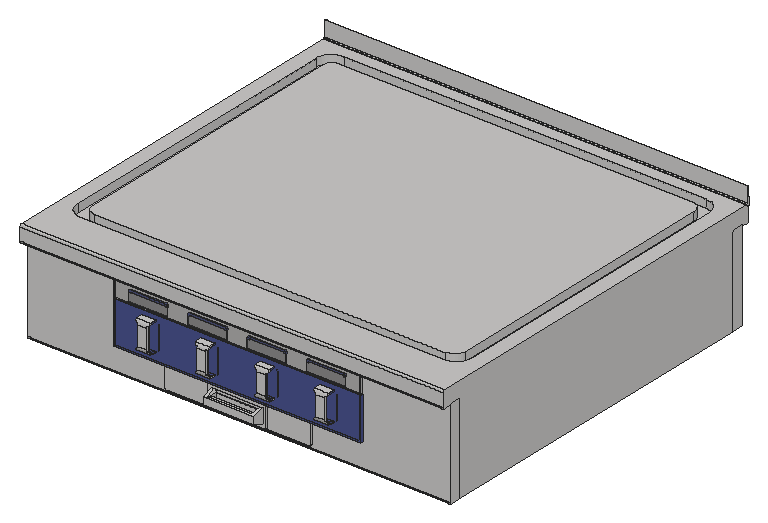
Revit family "QF_ELECTROLUXPROFESSIONAL_589007_MCLCABJOAO", category Specialty Equipment, Revit 2018
Family settings
  Round Connector Dimension = Use Diameter
  Part Type = Normal
  Work Plane-Based = No
  Always vertical = Yes
  Cut with Voids When Loaded = No
  Shared = No
  Room Calculation Point = No
Parameters
  Weight in Pounds = 352.7
  Watts = 16000 VA  # 16000 W
  Volts = 400 V  # constant formula
  URL Cutsheet = ""
  Type Mark [instance] = ""
  Status [instance] = ""
  Specification by User [instance] = ""
  Specification by Manufacturer = ""
  Serial Number = ""
  Seismic Rating = ""
  SMACNA No = ""
  Revision Code [instance] = ""
  Phase = 3  # constant formula
  Omniclass Number and Title = ""
  Number of Poles [instance] = 1
  NAFEM Spec ID Number = ""
  Model = "589007"
  Min Ckt Ampacity = 0 A
  Max Overcurrent Protection = 0 A
  Masterspec = ""
  Manufacturer = "ELECTROLUX"
  Item Number [instance] = ""
  Installed By [instance] = ""
  Identify Quantity as Lot [instance] = yes
  HP = "21.5 HP"
  Furnished By [instance] = ""
  Foodservice Equipment Identifier [instance] = yes
  FL Amps [instance] = if(Phase = 3, Watts / (Volts * 1.73), Watts / Volts)  # 23.1214 A
  Electrical Remarks = "400 V/3N ph/50/60 Hz"  # constant formula
  Electric Connection Type [instance] = ""
  Elec Conn RI Height [instance] = 0 mm
  Elec Conn Connection Height [instance] = 0 mm
  Direct Waste Size = 0"
  Description = "EL.SOLID TOP,4 ZONES,1S,BS,1000X900X250H"
  Cycle [instance] = if([60 Hertz Option], 60 Hz, 50 Hz)  # 60 Hz
  Conn Plug = ""
  Conn Conduit = yes
  CSI MasterFormat = ""
  CSI Master Format = ""
  Back Panel [instance] = yes
  Apparent Power [instance] = if(Phase = 3, Volts * FL Amps * 1.73, Volts * FL Amps)  # 16000 VA
  60 Hertz Option [instance] = not([50 Hertz Option])  # yes
  50 Hertz Option [instance] = no
Reference planes
  plane 1 "BACK": y = 0
  plane 2: z = 0
  plane 3 "LEFT": x = 0
  plane 4 "RIGHT": x = 1000
  plane 5 "FRONT": y = -900
  plane 6 "TOP": z = 250
  plane 7: x = 500
  plane 8: y = -450
  plane 9: y = -1330
Forms (mm)
  Extrusion 1, solid, material "QF_Finishes_Stainless Steel"
    sketch origin (0, -487.128, 0) x (0, 1, 0) y (0, 0, 1)
      loop
        line (483.128, 250) -> (-408.872, 250)
        arc (-408.872, 250) -> (-411.7, 248.828) -> (-412.872, 246) r 4
        line (-412.872, 246) -> (-412.872, 214)
        arc (-412.872, 214) -> (-411.443, 210.936) -> (-408.177, 210.061) r 4
        line (-408.177, 210.061) -> (-391.509, 213) -> (-366.872, 213) -> (-366.872, 0) -> (441.128, 0) -> (441.128, 213) -> (465.765, 213) -> (482.433, 210.061)
        arc (482.433, 210.061) -> (485.699, 210.936) -> (487.128, 214) r 4
        line (487.128, 214) -> (487.128, 246)
        arc (487.128, 246) -> (485.956, 248.828) -> (483.128, 250) r 4
    from 0 to 1000
  Extrusion 2, solid, material "QF_Finishes_Stainless Steel", visible <- "Back Panel"
    sketch origin (0, 0, 0) x (0, 1, 0) y (0, 0, 1)
      loop
        line (-46, 0) -> (-20, 0) -> (-20, 215)
        arc (-20, 215) -> (-20.586, 213.586) -> (-22, 213) r 2
        line (-22, 213) -> (-46, 213) -> (-46, 0)
    from 0 to 1000
  Extrusion 3, void
    sketch origin (653.786, 44.048, 250) x (1, 0, 0) y (0, -1, 0)
      loop
        line (274.614, 855.048) -> (-582.186, 855.048)
        arc (-582.186, 855.048) -> (-608.349, 844.211) -> (-619.186, 818.048) r 37
        line (-619.186, 818.048) -> (-619.186, 115.648)
        arc (-619.186, 115.648) -> (-608.349, 89.485) -> (-582.186, 78.648) r 37
        line (-582.186, 78.648) -> (274.614, 78.648)
        arc (274.614, 78.648) -> (300.777, 89.485) -> (311.614, 115.648) r 37
        line (311.614, 115.648) -> (311.614, 818.048)
        arc (311.614, 818.048) -> (300.777, 844.211) -> (274.614, 855.048) r 37
    from 0 to 19.1
  Extrusion 4, solid, material "QF_Finishes_Stainless Steel"
    sketch origin (0, -854, 0) x (1, 0, 0) y (0, -1, 0)
      loop
        circle (955, -169) r 6.35
    from 0 to 3.2
  Extrusion 5, solid, material "QF_Finishes_Stainless Steel"
    sketch origin (653.786, 44.048, 230.9) x (1, 0, 0) y (0, 1, 0)
      loop
        line (260.814, -104.048) -> (-568.386, -104.048)
        arc (-568.386, -104.048) -> (-586.347, -111.488) -> (-593.786, -129.448) r 25.4
        line (-593.786, -129.448) -> (-593.786, -804.248)
        arc (-593.786, -804.248) -> (-586.347, -822.209) -> (-568.386, -829.648) r 25.4
        line (-568.386, -829.648) -> (260.814, -829.648)
        arc (260.814, -829.648) -> (278.774, -822.209) -> (286.214, -804.248) r 25.4
        line (286.214, -804.248) -> (286.214, -129.448)
        arc (286.214, -129.448) -> (278.774, -111.488) -> (260.814, -104.048) r 25.4
    from 0 to 19.1
  Extrusion 6, solid, material "QF_Door-Drawer Clearances", detail levels coarse
    sketch origin (537.31, -881.593, 8.62) x (0, 0, 1) y (-1, 0, 0)
      loop
        line (1.973, -134.295) -> (49.317, -134.295)
        arc (49.317, -134.295) -> (50.776, -133.691) -> (51.38, -132.232) r 2.063
        line (51.38, -132.232) -> (51.38, 206.852)
        arc (51.38, 206.852) -> (50.88, 208.549) -> (49.541, 209.705) r 3.133
        line (49.541, 209.705) -> (3.067, 209.705)
        arc (3.067, 209.705) -> (0.898, 208.807) -> (0, 206.638) r 3.067
        line (0, 206.638) -> (0, -132.322)
        arc (0, -132.322) -> (0.578, -133.717) -> (1.973, -134.295) r 1.973
    from 0 to 448.407
  Extrusion 7, solid, material "QF_Finishes_Stainless Steel"
    sketch origin (0, -950.048, 294.179) x (0, -1, 0) y (0, 0, -1)
      loop
        arc (-948.097, 42.179) -> (-947.511, 43.594) -> (-946.097, 44.179) r 2
        arc (-946.097, 44.179) -> (-948.877, 45.357) -> (-950.048, 48.185) r 4
        line (-950.048, 48.185) -> (-950.048, 6.179) -> (-948.097, 6.179) -> (-948.097, 42.179)
    from 0 to 1000
Cuts and joins
  Extrusion 3 cuts Extrusion 1
Lines and regions (mm)
  symbolic lines
    curve 1: line (0, 0, 0) -> (1000, 0, 0)
    curve 2: line (0, -900, 0) -> (0, 0, 0)
    curve 3: line (1000, -900, 0) -> (0, -900, 0)
    curve 4: line (1000, 0, 0) -> (1000, -900, 0)
    curve 5: line (273.641, -902.326, 0) -> (273.641, -900, 0)
    curve 6: spline (279.31, -903.73, 0) -> (278.831, -903.657, 0) -> (278.353, -903.575, 0) -> (277.876, -903.486, 0) -> (277.4, -903.389, 0) -> (276.925, -903.283, 0) -> (276.452, -903.17, 0) -> (275.98, -903.049, 0) -> (275.509, -902.92, 0) -> (275.039, -902.783, 0) -> (274.572, -902.638, 0) -> (274.105, -902.486, 0) -> (273.641, -902.326, 0)
    curve 7: line (305.857, -902.326, 0) -> (305.857, -900, 0)
    curve 8: spline (305.857, -902.326, 0) -> (305.392, -902.486, 0) -> (304.926, -902.638, 0) -> (304.458, -902.783, 0) -> (303.989, -902.92, 0) -> (303.518, -903.049, 0) -> (303.046, -903.17, 0) -> (302.572, -903.283, 0) -> (302.098, -903.389, 0) -> (301.622, -903.486, 0) -> (301.145, -903.575, 0) -> (300.667, -903.657, 0) -> (300.188, -903.73, 0)
    curve 9: line (279.31, -903.73, 0) -> (300.188, -903.73, 0)
    curve 10: line (413.892, -902.326, 0) -> (413.892, -900, 0)
    curve 11: spline (419.561, -903.73, 0) -> (419.082, -903.657, 0) -> (418.604, -903.575, 0) -> (418.127, -903.486, 0) -> (417.651, -903.389, 0) -> (417.177, -903.283, 0) -> (416.703, -903.17, 0) -> (416.231, -903.049, 0) -> (415.76, -902.92, 0) -> (415.29, -902.783, 0) -> (414.823, -902.638, 0) -> (414.357, -902.486, 0) -> (413.892, -902.326, 0)
    curve 12: line (446.108, -902.326, 0) -> (446.108, -900, 0)
    curve 13: spline (446.108, -902.326, 0) -> (445.643, -902.486, 0) -> (445.177, -902.638, 0) -> (444.71, -902.783, 0) -> (444.24, -902.92, 0) -> (443.769, -903.049, 0) -> (443.297, -903.17, 0) -> (442.823, -903.283, 0) -> (442.349, -903.389, 0) -> (441.873, -903.486, 0) -> (441.396, -903.575, 0) -> (440.918, -903.657, 0) -> (440.439, -903.73, 0)
    curve 14: line (419.561, -903.73, 0) -> (440.439, -903.73, 0)
    curve 15: line (726.359, -902.326, 0) -> (726.359, -900, 0)
    curve 16: spline (720.69, -903.73, 0) -> (721.169, -903.657, 0) -> (721.647, -903.575, 0) -> (722.124, -903.486, 0) -> (722.6, -903.389, 0) -> (723.075, -903.283, 0) -> (723.548, -903.17, 0) -> (724.02, -903.049, 0) -> (724.491, -902.92, 0) -> (724.961, -902.783, 0) -> (725.428, -902.638, 0) -> (725.895, -902.486, 0) -> (726.359, -902.326, 0)
    curve 17: line (694.143, -902.326, 0) -> (694.143, -900, 0)
    curve 18: spline (694.143, -902.326, 0) -> (694.608, -902.486, 0) -> (695.074, -902.638, 0) -> (695.542, -902.783, 0) -> (696.011, -902.92, 0) -> (696.482, -903.049, 0) -> (696.954, -903.17, 0) -> (697.428, -903.283, 0) -> (697.902, -903.389, 0) -> (698.378, -903.486, 0) -> (698.855, -903.575, 0) -> (699.333, -903.657, 0) -> (699.812, -903.73, 0)
    curve 19: line (720.69, -903.73, 0) -> (699.812, -903.73, 0)
    curve 20: line (586.108, -902.326, 0) -> (586.108, -900, 0)
    curve 21: spline (580.439, -903.73, 0) -> (580.918, -903.657, 0) -> (581.396, -903.575, 0) -> (581.873, -903.486, 0) -> (582.349, -903.389, 0) -> (582.823, -903.283, 0) -> (583.297, -903.17, 0) -> (583.769, -903.049, 0) -> (584.24, -902.92, 0) -> (584.71, -902.783, 0) -> (585.177, -902.638, 0) -> (585.643, -902.486, 0) -> (586.108, -902.326, 0)
    curve 22: line (553.892, -902.326, 0) -> (553.892, -900, 0)
    curve 23: spline (553.892, -902.326, 0) -> (554.357, -902.486, 0) -> (554.823, -902.638, 0) -> (555.29, -902.783, 0) -> (555.76, -902.92, 0) -> (556.231, -903.049, 0) -> (556.703, -903.17, 0) -> (557.177, -903.283, 0) -> (557.651, -903.389, 0) -> (558.127, -903.486, 0) -> (558.604, -903.575, 0) -> (559.082, -903.657, 0) -> (559.561, -903.73, 0)
    curve 24: line (580.439, -903.73, 0) -> (559.561, -903.73, 0)
    curve 36: line (914.6, -60, 0) -> (85.4, -60, 0)
    curve 37: arc (85.4, -60, 0) -> (67.439, -67.439, 0) -> (60, -85.4, 0) r 25.4
    curve 38: line (60, -85.4, 0) -> (60, -760.2, 0)
    curve 39: arc (60, -760.2, 0) -> (67.439, -778.161, 0) -> (85.4, -785.6, 0) r 25.4
    curve 40: line (85.4, -785.6, 0) -> (914.6, -785.6, 0)
    curve 41: arc (914.6, -785.6, 0) -> (932.561, -778.161, 0) -> (940, -760.2, 0) r 25.4
    curve 42: line (940, -760.2, 0) -> (940, -85.4, 0)
    curve 43: arc (940, -85.4, 0) -> (932.561, -67.439, 0) -> (914.6, -60, 0) r 25.4
    curve 44: line (0, -1.951, 0) -> (1000, -1.951, 0)
    curve 45: line (446.108, -900, 0) -> (447.685, -908.767, 0)
    curve 46: line (447.685, -908.767, 0) -> (550.042, -908.767, 0)
    curve 47: line (550.042, -908.767, 0) -> (551.62, -900, 0)
  symbolic lines, style "QF_Door-Drawer Clearances"
    curve 25: line (327.605, -1330, 0) -> (327.605, -900, 0)
    curve 26: line (327.605, -1330, 0) -> (671.605, -1330, 0)
    curve 27: line (671.605, -1330, 0) -> (671.605, -900, 0)
  symbolic lines, style "SpecialityEquipment"
    curve 28: line (71.6, -34.6, 0) -> (928.4, -34.6, 0)
    curve 29: arc (928.4, -34.6, 0) -> (954.563, -45.437, 0) -> (965.4, -71.6, 0) r 37
    curve 30: line (965.4, -71.6, 0) -> (965.4, -772.524, 0)
    curve 31: arc (965.4, -772.524, 0) -> (954.131, -799.731, 0) -> (926.924, -811, 0) r 38.476
    curve 32: line (926.924, -811, 0) -> (71.6, -811, 0)
    curve 33: arc (71.6, -811, 0) -> (45.437, -800.163, 0) -> (34.6, -774, 0) r 37
    curve 34: line (34.6, -774, 0) -> (34.6, -71.6, 0)
    curve 35: arc (34.6, -71.6, 0) -> (45.437, -45.437, 0) -> (71.6, -34.6, 0) r 37
Dimensions and locks
  plane 3 "LEFT" to plane 4 "RIGHT" = 1000 mm
  plane 5 "FRONT" to plane 1 "BACK" = 900 mm
  equal spacing: plane 3 "LEFT", plane 7, plane 4 "RIGHT"
  equal spacing: plane 5 "FRONT", plane 8, plane 1 "BACK"
  plane 6 "TOP" to level = 250 mm  (x2)
  plane 1 "BACK" to plane 5 "FRONT" = 900 mm
  Extrusion 4 sketch curve to plane 1 "BACK" = 685 mm
  Extrusion 4 sketch curve to plane 4 "RIGHT" = 45 mm
  plane 5 "FRONT" to plane 9 = 430 mm
  aligned and locked: level to plane 2
  aligned and locked: cut or joined group of Extrusion 1, Extrusion 3 to plane 4 "RIGHT"
  aligned and locked: Extrusion 2 to plane 4 "RIGHT"
  aligned and locked: plane 7 to nested 1
  aligned and locked: Extrusion 7 to plane 4 "RIGHT"
Automatic sketch dimensions
  Extrusion 2 sketch curve to Extrusion 2 sketch curve = 26 mm
  plane 1 "BACK" to Extrusion 2 sketch curve = 22 mm
  Extrusion 2 sketch curve to Extrusion 2 sketch curve = 2 mm
  level to Extrusion 2 sketch curve = 213 mm
  Extrusion 1 sketch curve to plane 5 "FRONT" = 0 mm
  Extrusion 1 sketch curve to plane 6 "TOP" = 0 mm
  Extrusion 1 sketch curve to level = 0 mm
  Extrusion 1 sketch curve to plane 1 "BACK" = 0 mm
  Extrusion 1 sketch curve to plane 6 "TOP" = 37 mm  (x2)
  Extrusion 1 sketch curve to plane 5 "FRONT" = 4 mm
  Extrusion 1 sketch curve to plane 5 "FRONT" = 21.363 mm
  Extrusion 1 sketch curve to plane 5 "FRONT" = 46 mm
  plane 1 "BACK" to Extrusion 1 sketch curve = 21.363 mm
  plane 1 "BACK" to Extrusion 1 sketch curve = 4 mm  (x2)
  Extrusion 1 sketch curve to Extrusion 1 sketch curve = 4 mm
  Extrusion 1 sketch curve to Extrusion 1 sketch curve = 0.695 mm
  Extrusion 1 sketch curve to Extrusion 1 sketch curve = 0 mm  (x4)
  plane 1 "BACK" to Extrusion 1 sketch curve = 4.695 mm
  Extrusion 1 sketch curve to Extrusion 1 sketch curve = 1 mm  (x2)
  plane 1 "BACK" to Extrusion 1 sketch curve = 46 mm
  plane 5 "FRONT" to curve 25 = 0 mm
  plane 5 "FRONT" to curve 27 = 0 mm
  plane 3 "LEFT" to curve 25 = 327.605 mm
  plane 7 to curve 27 = 171.605 mm
  curve 25 to curve 25 = 430 mm
  level to Extrusion 6 sketch curve = 8.62 mm
  level to Extrusion 6 sketch curve = 57.937 mm
  plane 7 to Extrusion 6 sketch curve = 171.605 mm
  Extrusion 6 sketch curve to Extrusion 6 sketch curve = 1.973 mm
  Extrusion 6 sketch curve to Extrusion 6 sketch curve = 3.067 mm
  Extrusion 6 sketch curve to Extrusion 6 sketch curve = 46.474 mm
  Extrusion 6 sketch curve to Extrusion 6 sketch curve = 2.063 mm
  Extrusion 6 sketch curve to Extrusion 6 sketch curve = 3.133 mm
  plane 3 "LEFT" to Extrusion 6 sketch curve = 330.672 mm
  plane 3 "LEFT" to curve 34 = 34.6 mm
  curve 34 to curve 38 = 25.4 mm
  curve 37 to curve 35 = 11.6 mm
  curve 39 to curve 33 = 11.6 mm
  curve 33 to curve 39 = 13.8 mm
  curve 35 to curve 37 = 13.8 mm
  plane 7 to curve 36 = 414.6 mm
  plane 7 to curve 41 = 414.6 mm
  curve 40 to curve 32 = 12.324 mm
  curve 36 to curve 29 = 13.8 mm
  curve 29 to curve 43 = 11.6 mm  (x2)
  curve 33 to plane 5 "FRONT" = 89 mm
  curve 40 to curve 31 = 13.076 mm
  plane 1 "BACK" to curve 43 = 85.4 mm
  curve 38 to curve 34 = 13.8 mm
  Extrusion 1 to Extrusion 3 sketch curve = 34.6 mm  (x2)
  Extrusion 1 to Extrusion 3 sketch curve = 85 mm
  Extrusion 3 sketch curve to Extrusion 3 sketch curve = 37 mm  (x4)
  Extrusion 1 to Extrusion 3 sketch curve = 30.6 mm
  Extrusion 5 sketch curve to Extrusion 3 = 25.4 mm  (x4)
  Extrusion 5 sketch curve to Extrusion 5 sketch curve = 25.4 mm  (x4)
  Extrusion 7 sketch curve to plane 1 "BACK" = 0 mm  (x2)
  Extrusion 7 sketch curve to plane 6 "TOP" = 2 mm
  Extrusion 7 sketch curve to plane 6 "TOP" = 0 mm
  Extrusion 7 sketch curve to Extrusion 7 sketch curve = 1.951 mm
  plane 6 "TOP" to Extrusion 7 sketch curve = 0.006 mm
  Extrusion 7 sketch curve to Extrusion 7 sketch curve = 0.049 mm
  Extrusion 7 sketch curve to Extrusion 7 sketch curve = 36 mm
  Extrusion 7 sketch curve to Extrusion 7 sketch curve = 0 mm
  plane 1 "BACK" to curve 1 = 0 mm
  curve 1 to plane 4 "RIGHT" = 0 mm
  plane 5 "FRONT" to curve 12 = 0 mm
  curve 3 to plane 3 "LEFT" = 0 mm
  plane 5 "FRONT" to curve 20 = 2.326 mm
  plane 5 "FRONT" to curve 15 = 2.326 mm
  plane 7 to curve 15 = 226.359 mm
  plane 5 "FRONT" to curve 19 = 3.73 mm
  curve 15 to curve 19 = 5.669 mm
  curve 16 to curve 19 = 20.878 mm
  plane 5 "FRONT" to curve 17 = 2.326 mm
  curve 18 to curve 17 = 5.669 mm
  plane 7 to curve 20 = 86.108 mm
  plane 5 "FRONT" to curve 24 = 3.73 mm
  curve 20 to curve 24 = 5.669 mm
  curve 21 to curve 24 = 20.878 mm
  plane 5 "FRONT" to curve 22 = 2.326 mm
  curve 24 to curve 22 = 5.669 mm
  curve 45 to plane 7 = 52.315 mm
  curve 45 to curve 12 = 1.578 mm
  curve 12 to curve 14 = 5.669 mm
  plane 5 "FRONT" to curve 14 = 3.73 mm
  curve 14 to curve 14 = 20.878 mm
  plane 5 "FRONT" to curve 10 = 2.326 mm
  curve 11 to curve 10 = 5.669 mm
  plane 5 "FRONT" to curve 7 = 2.326 mm
  curve 10 to curve 7 = 108.035 mm
  plane 5 "FRONT" to curve 9 = 3.73 mm
  curve 7 to curve 9 = 5.669 mm
  curve 8 to curve 9 = 20.878 mm
  plane 5 "FRONT" to curve 5 = 2.326 mm
  curve 6 to curve 5 = 5.669 mm
  curve 15 to curve 16 = 9.839 mm
  plane 5 "FRONT" to curve 18 = 4.032 mm
  curve 18 to curve 19 = 4.17 mm
  plane 5 "FRONT" to curve 21 = 4.032 mm
  curve 21 to curve 21 = 4.17 mm
  plane 5 "FRONT" to curve 23 = 4.032 mm
  curve 23 to curve 23 = 4.17 mm
  curve 22 to curve 47 = 2.272 mm
  curve 23 to curve 46 = 3.85 mm
  plane 5 "FRONT" to curve 47 = 8.767 mm
  curve 12 to curve 13 = 9.839 mm
  curve 13 to curve 11 = 12.538 mm
  curve 7 to curve 8 = 9.839 mm
  curve 8 to curve 6 = 12.538 mm
  curve 12 to curve 12 = 2.326 mm
  plane 1 "BACK" to curve 44 = 1.951 mm
  curve 8 to plane 5 "FRONT" = 39.101 mm
  curve 6 to curve 8 = 0 mm
  curve 11 to plane 5 "FRONT" = 39.101 mm
  curve 11 to curve 13 = 0 mm
  curve 18 to curve 16 = 0 mm
  Extrusion 2 sketch curve to level = 0 mm
  radius of Extrusion 4 sketch curve = 6.35 mm
Nested families
  nested 1: "EST_900_1000 Front Panel fOUR cONTROLS" at (-100, -854, -650), type "EST_900_1000 Front Panel fOUR cONTROLS"
Connectors
  electrical at (955, -685, -3.2), driven by "Volts", driven by "Watts"
    settings: on Extrusion 4, index 1, voltage 400 V, apparent load 16000 VA, apparent load phase1 0 VA, apparent load phase2 0 VA, apparent load phase3 0 VA, power factor 1, load classification "Other", number of poles 1, system type 30, power factor state 1, is connector primary yes, connector utility no, sub classification motor no, connector description "ELECTRICAL CONNECTION"
Definition of nested family "EST_900_1000 Front Panel fOUR cONTROLS"
  Parameters
    Keynote = ""
  Reference planes
    plane 1 "Center (Front/Back)": y = 0
    plane 2: z = 0
    plane 3 "Center (Left/Right)": x = 100
    plane 4: x = 600
    plane 5: x = 389.749
    plane 6: x = 530
    plane 7: x = 670.079
    plane 8: x = 809.948
  Forms (mm)
    Extrusion 1, void
      sketch origin (1213.217, 829.203, -1.25) x (1, 0, 0) y (0, 0, 1)
        loop
          line (-321.217, 853.25) -> (-905.217, 853.25) -> (-905.217, 711.25) -> (-321.217, 711.25) -> (-321.217, 853.25)
      from 843.409 to 854.203
    Extrusion 2, solid
      sketch origin (1133.217, 829.203, -1.25) x (0, 1, 0) y (0, 0, 1)
        loop
          arc (-854.203, 654.25) -> (-853.324, 652.129) -> (-851.203, 651.25) r 3
          line (-851.203, 651.25) -> (-829.203, 651.25) -> (-829.203, 864.25) -> (-854.203, 864.25) -> (-854.203, 654.25)
      from -1033.217 to -33.217
  Dimensions and locks
    aligned and locked: plane 4 to nested 6
  Nested families
    nested 1: "1200 Glass Panel with Four Reads" at (308, -30, 5.811), type "1200 Glass Panel with Four Reads"
    nested 2: "Sml  Range Control Handle" at (389.749, -26.645, -204.867), type "Sml  Range Control Handle"
    nested 3: "Sml  Range Control Handle" at (529.638, -26.645, -204.867), type "Sml  Range Control Handle"
    nested 4: "Sml  Range Control Handle" at (670.079, -26.645, -204.867), type "Sml  Range Control Handle"
    nested 5: "Sml  Range Control Handle" at (810.079, -26.645, -204.867), type "Sml  Range Control Handle"
    nested 6: "grease trap door1" at (667.599, -25, 0.608) x (-1, 0, 0) z (0, 0, 1), type "grease trap door"
  Definition of nested family "1200 Glass Panel with Four Reads"
    Reference planes
      plane 1 "Center (Front/Back)": y = 0
      plane 2: z = 0
      plane 3 "Center (Left/Right)": x = 0
      plane 4: x = 584
      plane 5: x = 581.091
      plane 6 "Top": z = 846.189
      plane 7 "Center": x = 292
    Forms (mm)
      Extrusion 1, solid
        sketch origin (550.286, 304.8, -4.308) x (1, 0, 0) y (0, 0, 1)
          loop
            line (-550.286, 806.791) -> (-550.286, 708.497) -> (33.714, 708.497) -> (33.714, 806.791) -> (-550.286, 806.791)
        from 300.031 to 304.8
      Extrusion 2, solid
        sketch origin (550.286, 304.8, -4.308) x (1, 0, 0) y (0, 0, 1)
          loop
            line (-550.286, 850.497) -> (-550.286, 806.791) -> (33.714, 806.791) -> (33.714, 850.497) -> (-550.286, 850.497)
        from 300.031 to 304.8
      Extrusion 3, void
        sketch origin (550.286, 304.8, -4.308) x (1, 0, 0) y (0, 0, 1)
          loop
            line (-547.628, 847.565) -> (-547.628, 710.699) -> (30.804, 710.699) -> (30.804, 847.565) -> (-547.628, 847.565)
        from 303.697 to 304.8
      Extrusion 4, solid, not visible
        sketch origin (550.286, 305.901, -4.308) x (1, 0, 0) y (0, 0, 1)
          loop
            line (-153.041, 812.62) -> (-153.041, 834.177) -> (-157.775, 834.177) -> (-159.574, 835.977) -> (-238.324, 835.977) -> (-240.124, 834.177) -> (-245.041, 834.177) -> (-245.041, 812.62) -> (-153.041, 812.62)
        from 304.798 to 306.745
      Extrusion 5, solid, not visible
        sketch origin (550.286, 305.901, -4.308) x (1, 0, 0) y (0, 0, 1)
          loop
            line (-240.027, 834.177) -> (-238.227, 835.977) -> (-159.594, 835.977) -> (-157.794, 834.177) -> (-153.083, 834.177)
            arc (-153.083, 834.177) -> (-154.26, 838.752) -> (-158.535, 840.763) r 5.549
            line (-158.535, 840.763) -> (-239.444, 840.763)
            arc (-239.444, 840.763) -> (-243.699, 838.747) -> (-244.835, 834.177) r 5.5
            line (-244.835, 834.177) -> (-240.027, 834.177)
        from 304.798 to 306.745
      Extrusion 6, solid
        sketch origin (700.989, 305.901, -4.308) x (1, 0, 0) y (0, 0, 1)
          loop
            line (-153.041, 812.62) -> (-153.041, 834.177) -> (-157.775, 834.177) -> (-159.574, 835.977) -> (-238.324, 835.977) -> (-240.124, 834.177) -> (-245.041, 834.177) -> (-245.041, 812.62) -> (-153.041, 812.62)
        from 304.798 to 306.745
      Extrusion 7, solid
        sketch origin (700.989, 305.901, -4.308) x (1, 0, 0) y (0, 0, 1)
          loop
            line (-240.027, 834.177) -> (-238.227, 835.977) -> (-159.594, 835.977) -> (-157.794, 834.177) -> (-153.083, 834.177)
            arc (-153.083, 834.177) -> (-154.26, 838.752) -> (-158.535, 840.763) r 5.549
            line (-158.535, 840.763) -> (-239.444, 840.763)
            arc (-239.444, 840.763) -> (-243.699, 838.747) -> (-244.835, 834.177) r 5.5
            line (-244.835, 834.177) -> (-240.027, 834.177)
        from 304.798 to 306.745
      Extrusion 8, solid
        sketch origin (560.989, 305.901, -4.308) x (1, 0, 0) y (0, 0, 1)
          loop
            line (-153.041, 812.62) -> (-153.041, 834.177) -> (-157.775, 834.177) -> (-159.574, 835.977) -> (-238.324, 835.977) -> (-240.124, 834.177) -> (-245.041, 834.177) -> (-245.041, 812.62) -> (-153.041, 812.62)
        from 304.798 to 306.745
      Extrusion 9, solid
        sketch origin (560.989, 305.901, -4.308) x (1, 0, 0) y (0, 0, 1)
          loop
            line (-240.027, 834.177) -> (-238.227, 835.977) -> (-159.594, 835.977) -> (-157.794, 834.177) -> (-153.083, 834.177)
            arc (-153.083, 834.177) -> (-154.26, 838.752) -> (-158.535, 840.763) r 5.549
            line (-158.535, 840.763) -> (-239.444, 840.763)
            arc (-239.444, 840.763) -> (-243.699, 838.747) -> (-244.835, 834.177) r 5.5
            line (-244.835, 834.177) -> (-240.027, 834.177)
        from 304.798 to 306.745
      Extrusion 10, solid
        sketch origin (700.989, 305.901, -4.308) x (1, 0, 0) y (0, 0, 1)
          loop
            line (-665.188, 812.62) -> (-573.188, 812.62) -> (-573.188, 834.177) -> (-578.105, 834.177) -> (-579.905, 835.977) -> (-658.655, 835.977) -> (-660.455, 834.177) -> (-665.188, 834.177) -> (-665.188, 812.62)
        from 304.798 to 306.745
      Extrusion 11, solid
        sketch origin (700.989, 305.901, -4.308) x (1, 0, 0) y (0, 0, 1)
          loop
            line (-578.203, 834.177) -> (-573.394, 834.177)
            arc (-573.394, 834.177) -> (-574.53, 838.747) -> (-578.786, 840.763) r 5.5
            line (-578.786, 840.763) -> (-659.695, 840.763)
            arc (-659.695, 840.763) -> (-663.97, 838.752) -> (-665.146, 834.177) r 5.549
            line (-665.146, 834.177) -> (-660.435, 834.177) -> (-658.636, 835.977) -> (-580.003, 835.977) -> (-578.203, 834.177)
        from 304.798 to 306.745
      Extrusion 12, solid
        sketch origin (560.989, 305.901, -4.308) x (1, 0, 0) y (0, 0, 1)
          loop
            line (-385.188, 812.62) -> (-293.188, 812.62) -> (-293.188, 834.177) -> (-298.105, 834.177) -> (-299.905, 835.977) -> (-378.655, 835.977) -> (-380.455, 834.177) -> (-385.188, 834.177) -> (-385.188, 812.62)
        from 304.798 to 306.745
      Extrusion 13, solid
        sketch origin (560.989, 305.901, -4.308) x (1, 0, 0) y (0, 0, 1)
          loop
            line (-298.203, 834.177) -> (-293.394, 834.177)
            arc (-293.394, 834.177) -> (-294.53, 838.747) -> (-298.786, 840.763) r 5.5
            line (-298.786, 840.763) -> (-379.695, 840.763)
            arc (-379.695, 840.763) -> (-383.97, 838.752) -> (-385.146, 834.177) r 5.549
            line (-385.146, 834.177) -> (-380.435, 834.177) -> (-378.636, 835.977) -> (-300.003, 835.977) -> (-298.203, 834.177)
        from 304.798 to 306.745
    Cuts and joins
      Extrusion 3 cuts Extrusion 1
      Extrusion 3 cuts Extrusion 2
    Lines and regions (mm)
      symbolic lines
        curve 1: line (0, 4.769, 0) -> (584, 4.769, 0)
    Dimensions and locks
      aligned and locked: Extrusion 1 to Extrusion 2
      aligned and locked: Extrusion 6 to Extrusion 7
      aligned and locked: Extrusion 8 to Extrusion 9
      aligned and locked: Extrusion 10 to Extrusion 11
      aligned and locked: Extrusion 12 to Extrusion 13
  Definition of nested family "Sml  Range Control Handle"
    Reference planes
      plane 1 "Center (Front/Back)": y = 0
      plane 2: z = 0
      plane 3 "Center (Left/Right)": x = 0
      plane 4: z = 971.092
    Forms (mm)
      Extrusion 1, solid
        sketch origin (-746.28, 380.497, 208.931) x (-1, 0, 0) y (0, 0, 1)
          loop
            line (-770.101, 786.798) -> (-770.101, 731.649)
            arc (-770.101, 731.649) -> (-769.759, 730.563) -> (-768.855, 729.87) r 1.893
            line (-768.855, 729.87) -> (-763.474, 727.911) -> (-729.81, 727.911) -> (-724.428, 729.87)
            arc (-724.428, 729.87) -> (-723.525, 730.563) -> (-723.183, 731.649) r 1.893
            line (-723.183, 731.649) -> (-723.183, 786.798)
            arc (-723.183, 786.798) -> (-723.529, 787.894) -> (-724.44, 788.593) r 1.91
            line (-724.44, 788.593) -> (-729.683, 790.819) -> (-763.601, 790.819) -> (-768.844, 788.593)
            arc (-768.844, 788.593) -> (-769.755, 787.894) -> (-770.101, 786.798) r 1.91
        from -382.35 to -378.852
      Sweep 2, solid
        path origin (-746.788, 380.496, 208.091) x (0, -1, 0) y (0, 0, 1)
          loop
            line (379.775, 793.281) -> (395.661, 791.048)
            arc (395.661, 791.048) -> (397.781, 787.377) -> (398.517, 783.202) r 12.207
            line (398.517, 783.202) -> (398.517, 737.368)
            arc (398.517, 737.368) -> (397.781, 733.193) -> (395.661, 729.522) r 12.207
            line (395.661, 729.522) -> (379.775, 727.289)
        profile origin (-746.788, -7.222, 1000.256) x (0, -0.139173, 0.990268) y (-1, 0, 0)
          loop
            line (0.782, -763.123) -> (0.782, -730.907) -> (-1.322, -730.907) -> (-1.322, -763.123) -> (0.782, -763.123)
      Sweep 3, solid
        path origin (-746.788, 380.715, 207.832) x (0, -1, 0) y (0, 0, 1)
          loop
            line (380.478, 795.442) -> (397.218, 793.09)
            arc (397.218, 793.09) -> (399.929, 788.473) -> (400.871, 783.202) r 15.207
            line (400.871, 783.202) -> (400.871, 737.584)
            arc (400.871, 737.584) -> (399.914, 732.274) -> (397.164, 727.633) r 15.207
            line (397.164, 727.633) -> (380.601, 725.305)
        profile origin (-746.788, -8.132, 1002.099) x (0, -0.139173, 0.990268) y (-1, 0, 0)
          loop
            line (0.782, -763.123) -> (0.782, -730.907) -> (-1.322, -730.907) -> (-1.322, -763.123) -> (0.782, -763.123)
      Extrusion 4, void
        sketch origin (889.253, 220.666, 207.993) x (1, 0, 0) y (0, 0, 1)
          loop
            line (-943.038, 816.854) -> (-943.038, 703.686) -> (-899.466, 734.196) -> (-899.466, 786.344) -> (-943.038, 816.854)
        from 230.636 to 242.25
      Extrusion 5, void
        sketch origin (-888.8, 220.666, 207.993) x (-1, 0, 0) y (0, 0, -1)
          loop
            line (-943.038, -816.854) -> (-899.466, -786.344) -> (-899.466, -734.196) -> (-943.038, -703.686) -> (-943.038, -816.854)
        from 230.636 to 242.25
      Extrusion 6, solid
        sketch origin (0, 0, 0) x (1, 0, 0) y (0, 0, 1)
          loop
            circle (0, 971.092) r 7.736
        from -3.137 to -1.645
    Cuts and joins
      Extrusion 4, Extrusion 5 cuts Sweep 3
      Extrusion 4, Extrusion 5 cuts Sweep 2
      joined: Extrusion 1, Extrusion 6
    Lines and regions (mm)
      symbolic lines
        curve 1: line (23.821, 1.645, 0) -> (-23.097, 1.645, 0)
        curve 2: line (16.334, -1.853, 0) -> (23.821, -1.853, 0)
        curve 3: line (-15.881, -19.189, 0) -> (-15.881, -1.853, 0)
        curve 4: line (-23.097, -1.853, 0) -> (-15.881, -1.853, 0)
        curve 5: line (16.334, -19.189, 0) -> (16.334, -1.853, 0)
        curve 6: spline (-15.881, -19.189, 0) -> (-15.417, -19.349, 0) -> (-14.951, -19.501, 0) -> (-14.483, -19.646, 0) -> (-14.014, -19.783, 0) -> (-13.543, -19.912, 0) -> (-13.071, -20.033, 0) -> (-12.597, -20.146, 0) -> (-12.122, -20.251, 0) -> (-11.646, -20.349, 0) -> (-11.169, -20.438, 0) -> (-10.691, -20.52, 0) -> (-10.213, -20.593, 0)
        curve 7: spline (10.666, -20.593, 0) -> (11.144, -20.52, 0) -> (11.622, -20.438, 0) -> (12.099, -20.349, 0) -> (12.575, -20.251, 0) -> (13.05, -20.146, 0) -> (13.524, -20.033, 0) -> (13.996, -19.912, 0) -> (14.467, -19.783, 0) -> (14.936, -19.646, 0) -> (15.404, -19.501, 0) -> (15.87, -19.349, 0) -> (16.334, -19.189, 0)
        curve 8: line (-10.213, -20.938, 0) -> (10.716, -20.938, 0)
        curve 9: line (-23.097, 1.645, 0) -> (-23.097, -1.853, 0)
        curve 10: line (23.821, 1.645, 0) -> (23.821, -1.853, 0)
    Dimensions and locks
      cut or joined group of Sweep 3, Extrusion 4, Extrusion 5 to cut or joined group of Sweep 3, Extrusion 4, Extrusion 5 = 71.686 mm
  Definition of nested family "grease trap door1"
    Reference planes
      plane 1 "Center (Front/Back)": y = 0
      plane 2: z = 0
      plane 3 "Center (Left/Right)": x = 0
    Forms (mm)
      Extrusion 1, solid
        sketch origin (1627.55, 854.203, -1.25) x (1, 0, 0) y (0, 0, 1)
          loop
            arc (-1627.55, 661.235) -> (-1626.972, 659.84) -> (-1625.577, 659.262) r 1.973
            line (-1625.577, 659.262) -> (-1494.325, 659.262)
            arc (-1494.325, 659.262) -> (-1492.156, 660.16) -> (-1491.258, 662.329) r 3.067
            line (-1491.258, 662.329) -> (-1491.258, 708.803)
            arc (-1491.258, 708.803) -> (-1492.414, 710.143) -> (-1494.111, 710.642) r 3.133
            line (-1494.111, 710.642) -> (-1625.486, 710.642)
            arc (-1625.486, 710.642) -> (-1626.945, 710.038) -> (-1627.55, 708.579) r 2.063
            line (-1627.55, 708.579) -> (-1627.55, 661.235)
        from 856.795 to 859.203
      Extrusion 2, solid
        sketch origin (445.874, 2476.61, 0) x (0, 1, 0) y (0, 0, 1)
          loop
            line (-2506.377, 675.273) -> (-2481.61, 667.505) -> (-2481.61, 700.995) -> (-2506.377, 693.227) -> (-2506.377, 675.273)
        from -437.68 to -317.68
      Extrusion 3, void
        sketch origin (1627.55, 854.203, -1.25) x (1, 0, 0) y (0, 0, 1)
          loop
            line (-1614.883, 703) -> (-1610.542, 695.433) -> (-1508.17, 695.433) -> (-1503.828, 703) -> (-1614.883, 703)
          loop
            line (-1614.883, 668) -> (-1502.669, 668) -> (-1507.01, 675.567) -> (-1610.542, 675.567) -> (-1614.883, 668)
        from 832.916 to 883.97
      Extrusion 4, void
        sketch origin (447.55, 854.203, -1.25) x (1, 0, 0) y (0, 0, 1)
          loop
            line (-430.542, 695.433) -> (-430.542, 675.567) -> (-328.17, 675.567) -> (-328.17, 695.433) -> (-430.542, 695.433)
        from 859.203 to 874.202
      Extrusion 5, solid
        sketch origin (1627.55, 854.203, -1.25) x (1, 0, 0) y (0, 0, 1)
          loop
            arc (-1731.556, 661.235) -> (-1730.978, 659.84) -> (-1729.583, 659.262) r 1.973
            line (-1729.583, 659.262) -> (-1390.623, 659.262)
            arc (-1390.623, 659.262) -> (-1388.454, 660.16) -> (-1387.556, 662.329) r 3.067
            line (-1387.556, 662.329) -> (-1387.556, 708.803)
            arc (-1387.556, 708.803) -> (-1388.712, 710.143) -> (-1390.409, 710.642) r 3.133
            line (-1390.409, 710.642) -> (-1729.493, 710.642)
            arc (-1729.493, 710.642) -> (-1730.952, 710.038) -> (-1731.556, 708.579) r 2.063
            line (-1731.556, 708.579) -> (-1731.556, 661.235)
        from 854.203 to 856.795
    Cuts and joins
      Extrusion 3 cuts Extrusion 1
      Extrusion 3, Extrusion 4 cuts Extrusion 2
      joined: Extrusion 1, Extrusion 2
    Lines and regions (mm)
      symbolic lines
        curve 1: line (0, -2.593, 0) -> (136.292, -2.593, 0)
        curve 2: line (17.557, -29.767, 0) -> (12.667, -2.593, 0)
        curve 3: line (17.557, -29.767, 0) -> (119.991, -29.767, 0)
        curve 4: line (119.991, -29.767, 0) -> (124.881, -2.593, 0)
        curve 5: line (68.146, -2.593, 0) -> (68.146, -29.767, 0)
      model lines
        curve 6: line (67.599, 0, 658.012) -> (67.599, 0, 709.392)
    Dimensions and locks
      aligned and locked: Extrusion 2 to Extrusion 1
      aligned and locked: Extrusion 3 to Extrusion 2
      aligned and locked: Extrusion 4 to Extrusion 1
